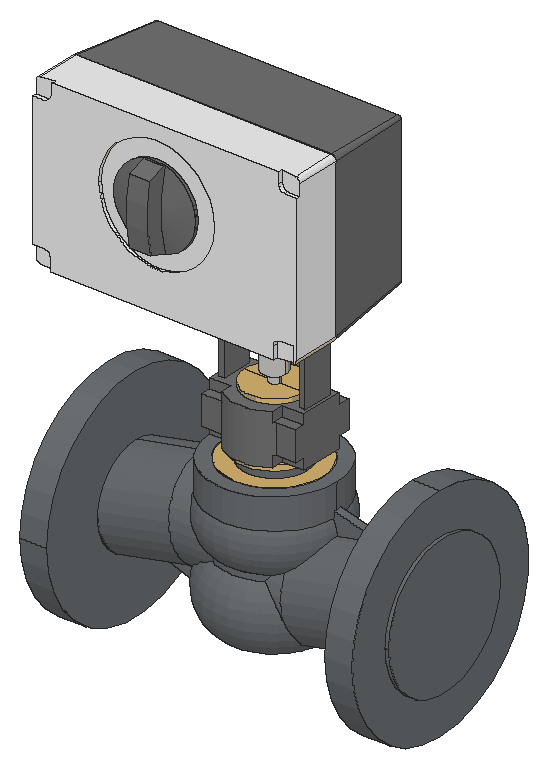
Revit family "VL2_DN15-DN100_AMV(E) 25(35)_RFA_1", category Pipe Accessories, Revit 2019 (continued)
Types (13, lengths in mm): name | W | LE1_100 | LE_100 | L | H2 | H | EXT200 | DN15 to DN50 | D1 | L_Top | V2 | RB2 | RB | L_EXT | L_100 | HS_100 | H_Revolve Bottom | Weight | W2 | W1 | V_SMALL | V100 | Stroke | R_Arc | R_Top | R_Flow Pipe | R2_Revolve | R1_Revolve | RT3 | RT2 | RT1_1 | RT1 | Offset Flow Pipe_1 | Offset Flow Pipe_2 | Model Type | Model | L_S | L2 | Kvs | H_Revolve Top | H1 | HE_100 | HE1 | HE | HB2 | HB1 | HB | HE2 | EXT2 | D_Connection End | D_Flange | Extrusion Top 2 | Extrusion Top | Extrusion Bottom | D | L1_ve | Depth Flange_ve | Depth_Flange | L1 | Assembly point | Arc_100 | A2_Flow Pipe | A2_2 | A2 | A3 | A1_Flow Pipe | A1
  VL2_DN25_Kvs10_065Z0377 | 113.5 | 20 | 10 | 160 | 50 | 271.5 | 44 | yes | 50 | 3 | no | 1 | 1 | 90 | 10 | 0 | 33 | 2.59 kg | 23 | 18 | yes | no | "10 mm" | 36 | 12.5 | 19 | 10 | 13 | 12.5 | 20.5 | 21 | 25 | 9 | 6.47 | "VL2_DN25_Kvs10" | "065Z0377" | 48 | 80 | 10.0 m³/h | 25 | 91 | 3 | 60.5 | 0 | 1 | 35 | 30 | 37 | 15 | 62 | 100 | 5 | 28 | 30 | 25 | -2.5 | -13.5 | 13.5 | 2.5 | 1.3 | 1 | 165.00° | 0.00° | 15.00° | 15.00° | 169.00° | 12
  VL2_DN32_Kvs16_065Z0378 | 120 | 20 | 10 | 180 | 60 | 286 | 48.5 | yes | 64 | 3 | no | 1 | 1 | 100 | 10 | 0 | 35 | 3.82 kg | 27 | 15 | yes | no | "15 mm" | 41 | 12.5 | 24 | 18 | 19 | 23 | 23.5 | 24 | 29 | 7 | 7 | "VL2_DN32_Kvs16" | "065Z0378" | 48 | 90 | 16.0 m³/h | 33 | 95.5 | 3 | 65 | 0.5 | 1 | 35 | 30 | 41.5 | 25 | 72 | 120 | 10 | 34 | 30 | 32 | -2.5 | -15.8 | 15.8 | 2.5 | 0.8 | 1 | 168.00° | 0.00° | 13.00° | 15.00° | 170.00° | 13
  VL2_DN40_Kvs25_065Z0379 | 130 | 20 | 10 | 200 | 65 | 301.8 | 54 | yes | 80 | 3 | no | 1 | 1 | 120 | 10 | 0 | 44 | 5.28 kg | 31 | 18 | yes | no | "15 mm" | 50 | 12.5 | 28.5 | 21 | 21 | 19 | 28.5 | 29 | 37 | 9 | 10 | "VL2_DN40_Kvs25" | "065Z0379" | 48 | 100 | 25.0 m³/h | 42 | 106 | 3 | 76 | 5.3 | 1 | 35 | 30 | 48 | 30 | 82 | 130 | 10 | 38 | 37 | 40 | -2.5 | -15.8 | 15.8 | 2.5 | 0.3 | 1 | 168.00° | 0.00° | 20.00° | 15.00° | 168.00° | 20
  VL2_DN50_Kvs40_065Z0380 | 140 | 20 | 10 | 230 | 70 | 312.5 | 59 | yes | 100 | 3 | no | 1 | 1 | 150 | 10 | 0 | 53 | 6.74 kg | 42 | 30 | yes | no | "15 mm" | 59 | 12.5 | 30 | 23 | 26 | 20 | 34.5 | 35 | 43.5 | 10 | 15 | "VL2_DN50_Kvs40" | "065Z0380" | 65 | 115 | 40.0 m³/h | 45 | 111.3 | 3 | 81 | 6 | 1 | 35 | 30 | 53 | 30 | 93 | 140 | 10 | 40.5 | 41 | 50 | -3.5 | -16 | 16 | 3.5 | 0.3 | 1 | 166.00° | 0.00° | 18.00° | 13.00° | 170.00° | 15
  VL2_DN65_Kvs63_065Z0381 | 185 | 20 | 10 | 290 | 92.5 | 456.2 | 2 | no | 130 | 3 | yes | 27 | 55 | 180 | 10 | 0 | 66 | 13.90 kg | 58 | 40 | yes | no | "20 mm" | 82 | 12.5 | 41 | 23 | 27 | 22 | 1 | 5 | 22 | 20 | 25 | "VL2_DN65_Kvs63" | "065Z0381" | 97 | 145 | 63.0 m³/h | 68 | 148 | 3 | 113 | 20 | 7 | 81 | 60 | 68 | 65 | 130 | 185 | 20 | 63 | 66 | 65 | -5.5 | -19 | 19 | 5.5 | 7.3 | 1 | 165.00° | 0.00° | 20.00° | 18.00° | 165.00° | 30
  VL2_DN80_Kvs100_065Z0382 | 190 | 20 | 10 | 310 | 95 | 377.5 | 1 | no | 160 | 3 | yes | 27 | 62.5 | 200 | 10 | 0 | 65 | 17.22 kg | 64 | 43 | yes | no | "20 mm" | 91 | 12.5 | 44 | 32 | 37 | 22 | 1 | 5 | 22 | 30 | 21 | "VL2_DN80_Kvs100" | "065Z0382" | 95 | 155 | 100.0 m³/h | 75 | 152 | 3 | 118 | 32 | 8.5 | 86 | 60 | 60 | 58 | 138 | 190 | 20 | 66 | 65 | 80 | -5 | -17 | 17 | 5 | 7.3 | 1 | 169.00° | 0.00° | 15.00° | 15.00° | 163.00° | 22
  VL2_DN100_Kvs145_065Z3426 | 210 | 153 | 108 | 350 | 195 | 456.2 | 1 | no | 200 | 6 | yes | 105 | 70 | 19 | 170 | -72.5 | 50 | 39.00 kg | 50 | 43 | no | yes | "30 mm" | 2 | 17 | 47 | 25 | 25 | 35 | 60 | 59 | 35 | 25 | 33 | "VL2_DN100_Kvs145" | "065Z3426" | 95 | 175 | 145.0 m³/h | 60 | 161 | 72.5 | 117 | 33 | 44 | 151 | 70 | 45 | 0 | 160 | 210 | 20 | 67 | 152 | 100 | -3 | -21 | 21 | 3 | 0 | 30 | 164.00° | 44.00° | 45.00° | 0.00° | 165.00° | 43
  VL2_DN15_Kvs0.63_065Z0371 | 103.5 | 20 | 10 | 130 | 40 | 255.5 | 38 | yes | 30 | 3 | no | 1 | 1 | 80 | 25 | 0 | 27 | 1.48 kg | 16 | 17 | yes | no | "10 mm" | 30 | 12.5 | 15 | 6 | 9 | 12.5 | 15.5 | 16 | 20.5 | 7 | 5 | "VL2_DN15_Ksv0.63" | "065Z0371" | 48 | 65 | 0.63 m³/h | 23 | 85 | 3 | 54.5 | 0 | 1 | 25 | 20 | 31 | 20 | 50 | 80 | 5 | 22 | 26 | 15 | -2.5 | -12 | 12 | 2.5 | 1.3 | 10 | 168.00° | 0.00° | 30.00° | 16.00° | 170.00° | 19
  VL2_DN20_Kvs6.3_065Z0376 | 108.5 | 20 | 10 | 150 | 45 | 263 | 40.5 | yes | 40 | 3 | no | 1 | 1 | 85 | 10 | 0 | 31 | 2.07 kg | 19 | 16 | yes | no | "10 mm" | 35 | 12.5 | 17 | 8 | 10 | 12.5 | 19.5 | 20 | 23 | 6 | 6.47 | "VL2_DN20_Kvs6.3" | "065Z0376" | 48 | 75 | 6.3 m³/h | 25 | 87.3 | 3 | 57 | 0 | 1 | 25 | 30 | 33.5 | 18 | 56 | 90 | 8 | 27 | 28 | 20 | -2.5 | -13.5 | 13.5 | 2.5 | 1.3 | 1 | 165.00° | 0.00° | 22.00° | 15.00° | 172.00° | 16
  VL2_DN15_Kvs1.0_065Z0372 | 103.5 | 20 | 10 | 130 | 40 | 255.5 | 38 | yes | 30 | 3 | no | 1 | 1 | 80 | 25 | 0 | 27 | 1.48 kg | 16 | 17 | yes | no | "10 mm" | 30 | 12.5 | 15 | 6 | 9 | 12.5 | 15.5 | 16 | 20.5 | 7 | 5 | "VL2_DN15_Kvs1.0" | "065Z0372" | 48 | 65 | 1.0 m³/h | 23 | 85 | 3 | 54.5 | 0 | 1 | 25 | 20 | 31 | 20 | 50 | 80 | 5 | 22 | 26 | 15 | -2.5 | -12 | 12 | 2.5 | 1.3 | 10 | 168.00° | 0.00° | 30.00° | 16.00° | 170.00° | 19
  VL2_DN15_Kvs1.6_065Z0373 | 103.5 | 20 | 10 | 130 | 40 | 456.2 | 38 | yes | 30 | 3 | no | 1 | 1 | 80 | 25 | 0 | 27 | 1.48 kg | 16 | 17 | yes | no | "10 mm" | 30 | 12.5 | 15 | 6 | 9 | 12.5 | 15.5 | 16 | 20.5 | 7 | 5 | "VL2_DN15_Kvs1.6" | "065Z0373" | 48 | 65 | 1.6 m³/h | 23 | 85 | 3 | 54.5 | 0 | 1 | 25 | 20 | 31 | 20 | 50 | 80 | 5 | 22 | 26 | 15 | -2.5 | -12 | 12 | 2.5 | 1.3 | 10 | 168.00° | 0.00° | 30.00° | 16.00° | 170.00° | 19
  VL2_DN15_Kvs2.5_065Z0374 | 103.5 | 20 | 10 | 130 | 40 | 456.2 | 38 | yes | 30 | 3 | no | 1 | 1 | 80 | 25 | 0 | 27 | 1.48 kg | 16 | 17 | yes | no | "10 mm" | 30 | 12.5 | 15 | 6 | 9 | 12.5 | 15.5 | 16 | 20.5 | 7 | 5 | "VL2_DN15_Kvs2.5" | "065Z0374" | 48 | 65 | 2.5 m³/h | 23 | 85 | 3 | 54 | 0 | 1 | 25 | 20 | 31 | 20 | 50 | 80 | 5 | 22 | 26 | 15 | -2.5 | -12 | 12 | 2.5 | 1.3 | 10 | 168.00° | 0.00° | 30.00° | 16.00° | 170.00° | 19
  VL2_DN15_Kvs4.0_065Z0375 | 103.5 | 20 | 10 | 130 | 40 | 456.2 | 38 | yes | 30 | 3 | no | 1 | 1 | 80 | 25 | 0 | 27 | 1.48 kg | 16 | 17 | yes | no | "10 mm" | 30 | 12.5 | 15 | 6 | 9 | 12.5 | 15.5 | 16 | 20.5 | 7 | 5 | "VL2_DN15_Kvs4.0" | "065Z0375" | 48 | 65 | 4.0 m³/h | 23 | 85 | 3 | 54.5 | 0 | 1 | 25 | 20 | 31 | 20 | 50 | 80 | 5 | 22 | 26 | 15 | -2.5 | -12 | 12 | 2.5 | 1.3 | 10 | 168.00° | 0.00° | 30.00° | 16.00° | 170.00° | 19
